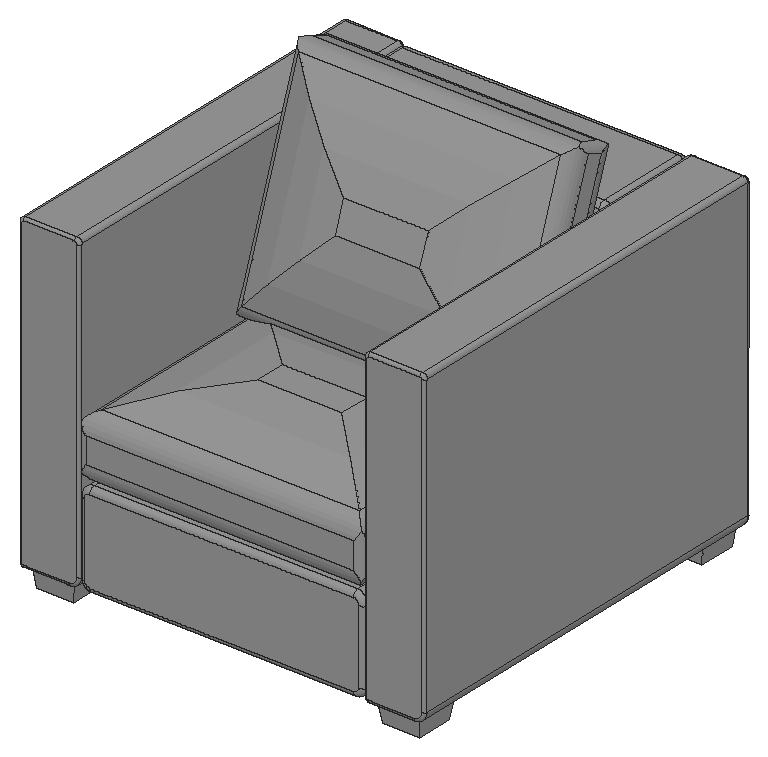
Revit family "Graydon", category Furniture, Revit 2016
Family settings
  OmniClass Number = 23.40.20.00
  OmniClass Title = General Furniture and Specialties
  Work Plane-Based = No
  Always vertical = Yes
  Cut with Voids When Loaded = No
  Shared = No
  Room Calculation Point = No
Parameters (values of type "Chair")
  Wood Cap [instance] = no
  Seat Width = 27"
  Seat Depth = 21 1/2"
  Left Right Foot Displacement = 2 7/8"
  Foot Finish [instance] = Wood (Oak)
  Cushion Width = 27"
  Seat Cushion Fabric [instance] = Linen, Beige
  Cushion 3 = no
  Depth = 38 1/2"
  Cushion 2 = no
  Base Fabric [instance] = Linen, Beige
  Back Fabric [instance] = Linen, Beige
  Back Cushion Fabric [instance] = Linen, Beige
  Arms = yes
  Arm Fabric [instance] = Linen, Beige
Types (4): name | Seat Width | Left Right Foot Displacement | Cushion 3 | Cushion 2 | Arms
  Chair-armless | 27" | 8 7/8" | no | no | no
  Sofa | 81" | 2 7/8" | yes | yes | yes
  Loveseat-armless | 54" | 8 7/8" | no | yes | no
  Chair | 27" | 2 7/8" | no | no | yes
Reference planes (in)
  plane 1 "Center Front/Back": y = 0
  plane 2: z = 0
  plane 3 "Center Left/Right": x = 0
  plane 4: x = -10
  plane 5: x = 17
  plane 6 "Front": y = -10.75
  plane 7 "Seat Depth": y = 10.75
  plane 8 "A.F.F": z = 1.75
  plane 9: z = 10.75
  plane 10: z = 18
  plane 11: y = 27.75
  plane 12: x = 22.75
  plane 13: x = -15.75
  plane 14 "Back Height": z = 37.5
  plane 15 "T.O. Arm": z = 26.5
Forms (in)
  Extrusion 1, solid, material "Linen, Beige" <- "Base Fabric"
    sketch origin (0, 0, 0) x (1, 0, 0) y (0, 0, 1)
      loop
        arc (-9, 10.75) -> (-9.70711, 10.45711) -> (-10, 9.75) r 1
        line (-10, 9.75) -> (-10, 2.75)
        arc (-10, 2.75) -> (-9.70711, 2.04289) -> (-9, 1.75) r 1
        line (-9, 1.75) -> (16, 1.75)
        arc (16, 1.75) -> (16.70711, 2.04289) -> (17, 2.75) r 1
        line (17, 2.75) -> (17, 9.75)
        arc (17, 9.75) -> (16.70711, 10.45711) -> (16, 10.75) r 1
        line (16, 10.75) -> (-9, 10.75)
    from -10.75 to 10.75
  Extrusion 2, solid, material "Linen, Beige" <- "Back Fabric"
    sketch origin (0, 0, 0) x (0, 1, 0) y (0, 0, 1)
      loop
        line (26.9919, 31.46767) -> (18.40264, 31.46767)
        arc (18.40264, 31.46767) -> (17.97245, 31.33204) -> (17.69787, 30.97419) r 0.75
        line (17.69787, 30.97419) -> (10.94853, 12.43053) -> (10.75076, 10.16682) -> (10.75076, 2.5)
        arc (10.75076, 2.5) -> (10.97043, 1.96967) -> (11.50076, 1.75) r 0.75
        line (11.50076, 1.75) -> (26.9919, 1.75)
        arc (26.9919, 1.75) -> (27.52223, 1.96967) -> (27.7419, 2.5) r 0.75
        line (27.7419, 2.5) -> (27.7419, 30.71767)
        arc (27.7419, 30.71767) -> (27.52223, 31.248) -> (26.9919, 31.46767) r 0.75
    from -10 to 17
  Sweep 3, void
    path in 3D
      loop
        arc (-9, -10.75, 10.75) -> (-9.70711, -10.75, 10.45711) -> (-10, -10.75, 9.75) r 1
        line (-10, -10.75, 9.75) -> (-10, -10.75, 2.75)
        arc (-10, -10.75, 2.75) -> (-9.70711, -10.75, 2.04289) -> (-9, -10.75, 1.75) r 1
        line (-9, -10.75, 1.75) -> (16, -10.75, 1.75)
        arc (16, -10.75, 1.75) -> (16.70711, -10.75, 2.04289) -> (17, -10.75, 2.75) r 1
        line (17, -10.75, 2.75) -> (17, -10.75, 9.75)
        arc (17, -10.75, 9.75) -> (16.70711, -10.75, 10.45711) -> (16, -10.75, 10.75) r 1
        line (16, -10.75, 10.75) -> (-9, -10.75, 10.75)
    profile "Profile_Parametric Radius : .5" radius" origin (3.5, -10.75, 10.75) x (0, -1, 0) y (0, 0, 1)
      loop
        arc (-0.5, 0) -> (-0.14645, -0.14645) -> (0, -0.5) r 0.5
        line (0, -0.5) -> (0, 0) -> (-0.5, 0)
  Sweep 4, void
    path in 3D
      loop
        arc (16, 10.75, 10.75) -> (16.70711, 10.75, 10.45711) -> (17, 10.75, 9.75) r 1
        line (17, 10.75, 9.75) -> (17, 10.75, 2.75)
        arc (17, 10.75, 2.75) -> (16.70711, 10.75, 2.04289) -> (16, 10.75, 1.75) r 1
        line (16, 10.75, 1.75) -> (-9, 10.75, 1.75)
        arc (-9, 10.75, 1.75) -> (-9.70711, 10.75, 2.04289) -> (-10, 10.75, 2.75) r 1
        line (-10, 10.75, 2.75) -> (-10, 10.75, 9.75)
        arc (-10, 10.75, 9.75) -> (-9.70711, 10.75, 10.45711) -> (-9, 10.75, 10.75) r 1
        line (-9, 10.75, 10.75) -> (16, 10.75, 10.75)
    profile "Profile_Parametric Radius : .5" radius" origin (3.5, 10.75, 10.75) x (0, 1, 0) y (0, 0, 1)
      loop
        arc (-0.5, 0) -> (-0.14645, -0.14645) -> (0, -0.5) r 0.5
        line (0, -0.5) -> (0, 0) -> (-0.5, 0)
  Sweep 5, void
    path in 3D
      loop
        arc (-10, 26.9919, 31.46767) -> (-10, 27.52223, 31.248) -> (-10, 27.7419, 30.71767) r 0.75
        line (-10, 27.7419, 30.71767) -> (-10, 27.7419, 2.5)
        arc (-10, 27.7419, 2.5) -> (-10, 27.52223, 1.96967) -> (-10, 26.9919, 1.75) r 0.75
        line (-10, 26.9919, 1.75) -> (-10, 11.50076, 1.75)
        arc (-10, 11.50076, 1.75) -> (-10, 10.97043, 1.96967) -> (-10, 10.75076, 2.5) r 0.75
        line (-10, 10.75076, 2.5) -> (-10, 10.75076, 10.16682) -> (-10, 10.94853, 12.43053) -> (-10, 17.69787, 30.97419)
        arc (-10, 17.69787, 30.97419) -> (-10, 17.97245, 31.33204) -> (-10, 18.40264, 31.46767) r 0.75
        line (-10, 18.40264, 31.46767) -> (-10, 26.9919, 31.46767)
    profile "Profile_Parametric Radius : .5" radius" origin (-10, 22.69727, 31.46767) x (-1, 0, 0) y (0, 0, 1)
      loop
        arc (-0.5, 0) -> (-0.14645, -0.14645) -> (0, -0.5) r 0.5
        line (0, -0.5) -> (0, 0) -> (-0.5, 0)
  Sweep 6, void
    path in 3D
      loop
        arc (17, 18.40264, 31.46767) -> (17, 17.97245, 31.33204) -> (17, 17.69787, 30.97419) r 0.75
        line (17, 17.69787, 30.97419) -> (17, 10.94853, 12.43053) -> (17, 10.75076, 10.16682) -> (17, 10.75076, 2.5)
        arc (17, 10.75076, 2.5) -> (17, 10.97043, 1.96967) -> (17, 11.50076, 1.75) r 0.75
        line (17, 11.50076, 1.75) -> (17, 26.9919, 1.75)
        arc (17, 26.9919, 1.75) -> (17, 27.52223, 1.96967) -> (17, 27.7419, 2.5) r 0.75
        line (17, 27.7419, 2.5) -> (17, 27.7419, 30.71767)
        arc (17, 27.7419, 30.71767) -> (17, 27.52223, 31.248) -> (17, 26.9919, 31.46767) r 0.75
        line (17, 26.9919, 31.46767) -> (17, 18.40264, 31.46767)
    profile "Profile_Parametric Radius : .5" radius" origin (17, 22.69727, 31.46767) x (1, 0, 0) y (0, 0, 1)
      loop
        arc (-0.5, 0) -> (-0.14645, -0.14645) -> (0, -0.5) r 0.5
        line (0, -0.5) -> (0, 0) -> (-0.5, 0)
Cuts and joins
  Sweep 3, Sweep 4 cuts Extrusion 1
  Sweep 5, Sweep 6 cuts Extrusion 2
Lines and regions (in)
  sketch lines
    curve 1: line (16, -10.75, 10.75) -> (-9, -10.75, 10.75)
    curve 2: arc (-10, -10.75, 9.75) -> (-9.70711, -10.75, 10.45711) -> (-9, -10.75, 10.75) r 1
    curve 3: line (-10, -10.75, 9.75) -> (-10, -10.75, 2.75)
    curve 4: arc (-9, -10.75, 1.75) -> (-9.70711, -10.75, 2.04289) -> (-10, -10.75, 2.75) r 1
    curve 5: line (-9, -10.75, 1.75) -> (16, -10.75, 1.75)
    curve 6: arc (17, -10.75, 2.75) -> (16.70711, -10.75, 2.04289) -> (16, -10.75, 1.75) r 1
    curve 7: line (17, -10.75, 2.75) -> (17, -10.75, 9.75)
    curve 8: arc (16, -10.75, 10.75) -> (16.70711, -10.75, 10.45711) -> (17, -10.75, 9.75) r 1
    curve 9: line (-9, 10.75, 10.75) -> (16, 10.75, 10.75)
    curve 10: arc (17, 10.75, 9.75) -> (16.70711, 10.75, 10.45711) -> (16, 10.75, 10.75) r 1
    curve 11: line (17, 10.75, 9.75) -> (17, 10.75, 2.75)
    curve 12: arc (16, 10.75, 1.75) -> (16.70711, 10.75, 2.04289) -> (17, 10.75, 2.75) r 1
    curve 13: line (16, 10.75, 1.75) -> (-9, 10.75, 1.75)
    curve 14: arc (-10, 10.75, 2.75) -> (-9.70711, 10.75, 2.04289) -> (-9, 10.75, 1.75) r 1
    curve 15: line (-10, 10.75, 2.75) -> (-10, 10.75, 9.75)
    curve 16: arc (-9, 10.75, 10.75) -> (-9.70711, 10.75, 10.45711) -> (-10, 10.75, 9.75) r 1
    curve 17: line (-10, 18.40264, 31.46767) -> (-10, 26.9919, 31.46767)
    curve 18: arc (-10, 18.40264, 31.46767) -> (-10, 17.97245, 31.33204) -> (-10, 17.69787, 30.97419) r 0.75
    curve 19: line (-10, 10.94853, 12.43053) -> (-10, 17.69787, 30.97419)
    curve 20: line (-10, 10.75076, 10.16682) -> (-10, 10.94853, 12.43053)
    curve 21: line (-10, 10.75076, 2.5) -> (-10, 10.75076, 10.16682)
    curve 22: arc (-10, 10.75076, 2.5) -> (-10, 10.97043, 1.96967) -> (-10, 11.50076, 1.75) r 0.75
    curve 23: line (-10, 26.9919, 1.75) -> (-10, 11.50076, 1.75)
    curve 24: arc (-10, 26.9919, 1.75) -> (-10, 27.52223, 1.96967) -> (-10, 27.7419, 2.5) r 0.75
    curve 25: line (-10, 27.7419, 30.71767) -> (-10, 27.7419, 2.5)
    curve 26: arc (-10, 27.7419, 30.71767) -> (-10, 27.52223, 31.248) -> (-10, 26.9919, 31.46767) r 0.75
    curve 27: line (17, 26.9919, 31.46767) -> (17, 18.40264, 31.46767)
    curve 28: arc (17, 26.9919, 31.46767) -> (17, 27.52223, 31.248) -> (17, 27.7419, 30.71767) r 0.75
    curve 29: line (17, 27.7419, 2.5) -> (17, 27.7419, 30.71767)
    curve 30: arc (17, 27.7419, 2.5) -> (17, 27.52223, 1.96967) -> (17, 26.9919, 1.75) r 0.75
    curve 31: line (17, 11.50076, 1.75) -> (17, 26.9919, 1.75)
    curve 32: arc (17, 11.50076, 1.75) -> (17, 10.97043, 1.96967) -> (17, 10.75076, 2.5) r 0.75
    curve 33: line (17, 10.75076, 10.16682) -> (17, 10.75076, 2.5)
    curve 34: line (17, 10.94853, 12.43053) -> (17, 10.75076, 10.16682)
    curve 35: line (17, 17.69787, 30.97419) -> (17, 10.94853, 12.43053)
    curve 36: arc (17, 17.69787, 30.97419) -> (17, 17.97245, 31.33204) -> (17, 18.40264, 31.46767) r 0.75
Dimensions and locks (in)
  equal spacing: plane 7 "Seat Depth", plane 1 "Center Front/Back", plane 6 "Front"
  "Seat Depth": plane 7 "Seat Depth" to plane 6 "Front"
  plane 8 "A.F.F" to plane 2 = 1 3/4"
  plane 8 "A.F.F" to plane 9 = 9"
  plane 14 "Back Height" to plane 2 = 37 1/2"
  plane 10 to plane 2 = 18"
  plane 15 "T.O. Arm" to plane 2 = 26 1/2"
  plane 13 to plane 4 = 5 3/4"
  plane 5 to plane 12 = 5 3/4"
  "Seat Width": plane 4 to plane 5
  plane 11 to nested 1 = 2 1/2"
  plane 11 to nested 4 = 2 1/2"
  "Left Right Foot Displacement": plane 13 to nested 2
  "Left Right Foot Displacement": plane 13 to nested 1
  "Left Right Foot Displacement": nested 4 to plane 12
  "Left Right Foot Displacement": nested 3 to plane 12
  "Depth": plane 11 to plane 6 "Front"
  plane 10 to plane 9 = 7 1/4"
  plane 6 "Front" to plane 11 = 38 1/2"
  plane 6 "Front" to plane 7 "Seat Depth" = 21 1/2"
  nested 2 to plane 6 "Front" = 2 1/2"
  plane 13 to plane 12 = 38 1/2"
  aligned and locked: level to plane 2
  aligned and locked: plane 7 "Seat Depth" to Extrusion 1
  aligned and locked: Extrusion 1 to plane 6 "Front"
  aligned and locked: Extrusion 2 sketch curve to plane 8 "A.F.F"
  aligned and locked: plane 4 to nested 11
  aligned and locked: plane 5 to Extrusion 2
  aligned and locked: Extrusion 2 to plane 4
  aligned and locked: nested 2 to nested 3
  aligned and locked: nested 1 to nested 4
  aligned and locked: plane 5 to nested 12
Automatic sketch dimensions
  Extrusion 1 sketch curve to plane 4 = 0"
  Extrusion 1 sketch curve to plane 9 = 0"
  Extrusion 1 sketch curve to plane 8 "A.F.F" = 0"
  Extrusion 1 sketch curve to plane 5 = 0"
  Extrusion 1 sketch curve to plane 5 = 1"  (x2)
  plane 4 to Extrusion 1 sketch curve = 1"  (x2)
  plane 7 "Seat Depth" to Extrusion 2 sketch curve = 0.00076"
  plane 7 "Seat Depth" to Extrusion 2 sketch curve = 0.19853"
  plane 7 "Seat Depth" to Extrusion 2 sketch curve = 0.75076"
  plane 7 "Seat Depth" to Extrusion 2 sketch curve = 6.94787"
  Extrusion 2 sketch curve to Extrusion 2 sketch curve = 0.70477"
  Extrusion 2 sketch curve to plane 11 = 0.7581"  (x2)
  Extrusion 2 sketch curve to plane 11 = 0.0081"
  Extrusion 2 sketch curve to plane 9 = 0.58318"
  plane 9 to Extrusion 2 sketch curve = 1.68053"
  plane 15 "T.O. Arm" to Extrusion 2 sketch curve = 4.21767"
  Extrusion 2 sketch curve to Extrusion 2 sketch curve = 0.25652"
Nested families (in)
  nested 1: "TF17" at (-12.875, 25.25, 0), Nested Leg Material 1 <- "Foot Finish", type "TF17"
  nested 2: "TF17" at (-12.875, -8.25, 0), Nested Leg Material 1 <- "Foot Finish", type "TF17"
  nested 3: "TF17" at (19.875, -8.25, 0), Nested Leg Material 1 <- "Foot Finish", type "TF17"
  nested 4: "TF17" at (19.875, 25.25, 0), Nested Leg Material 1 <- "Foot Finish", type "TF17"
  nested 5: "Graydon Cushion" at (54, 0, 0), Nested Cushion Fabric <- "Seat Cushion Fabric", Nested Cushion Width <- "Cushion Width", visible <- "Cushion 3", type "Cushion"
    with Nested Cushion Width 27", Nested Cushion Fabric Linen, Beige
  nested 6: "Graydon Cushion" at (27, 0, 0), Nested Cushion Fabric <- "Seat Cushion Fabric", Nested Cushion Width <- "Cushion Width", visible <- "Cushion 2", type "Cushion"
    with Nested Cushion Width 27", Nested Cushion Fabric Linen, Beige
  nested 7: "Graydon Cushion" at (0, 0, 0), Nested Cushion Fabric <- "Seat Cushion Fabric", Nested Cushion Width <- "Cushion Width", type "Cushion"
    with Nested Cushion Width 27", Nested Cushion Fabric Linen, Beige
  nested 8: "Graydon Seat Back Cushion" at (0, 19, -1.125), Nested Cushion Width <- "Cushion Width", Nested Cushion Fabric <- "Back Cushion Fabric", type "Cushion"
    with Nested Cushion Width 27", Nested Cushion Fabric Linen, Beige
  nested 9: "Graydon Seat Back Cushion" at (27, 19, -1.125), Nested Cushion Width <- "Cushion Width", visible <- "Cushion 2", Nested Cushion Fabric <- "Back Cushion Fabric", type "Cushion"
    with Nested Cushion Width 27", Nested Cushion Fabric Linen, Beige
  nested 10: "Graydon Seat Back Cushion" at (54, 19, -1.125), Nested Cushion Width <- "Cushion Width", visible <- "Cushion 3", Nested Cushion Fabric <- "Back Cushion Fabric", type "Cushion"
    with Nested Cushion Width 27", Nested Cushion Fabric Linen, Beige
  nested 11: "Graydon Arm" at (-26.75, 0, 0), visible <- "Arms", Nested Arm Fabric <- "Arm Fabric", type "Graydon Arm"
    with Nested Arm Fabric Linen, Beige
  nested 12: "Graydon Arm" at (6, 0, 0), visible <- "Arms", Nested Arm Fabric <- "Arm Fabric", type "Graydon Arm"
    with Nested Arm Fabric Linen, Beige
Definition of nested family "TF17"
  Parameters (values of type "TF17")
    Nested Leg Material 1 [instance] = none
    Foot Top Width = 4"
    Foot Bottom Width = Foot Top Width - 1/2"  # 3 1/2"
  Reference planes (in)
    plane 1 "Center Front/Back": y = 0
    plane 2: z = 0
    plane 3 "Center Left/Right": x = 0
    plane 4: x = -1.75
    plane 5: x = 1.75
    plane 6: y = 1.75
    plane 7: y = -1.75
    plane 8: z = 1.75
    plane 9: y = 2
    plane 10: x = 2
    plane 11: y = -2
    plane 12: x = -2
  Forms (in)
    Blend 1, solid, material <- "Nested Leg Material 1"
      base sketch origin (0, 0, 0) x (1, 0, 0) y (0, 1, 0)
        loop
          line (-1.75, 1.75) -> (-1.75, -1.75) -> (1.75, -1.75) -> (1.75, 1.75) -> (-1.75, 1.75)
      top sketch origin (0, 0, 0) x (1, 0, 0) y (0, 1, 0)
        loop
          line (-2, 2) -> (-2, -2) -> (2, -2) -> (2, 2) -> (-2, 2)
      from 0 to 1.75
  Dimensions and locks (in)
    equal spacing: plane 4, plane 3 "Center Left/Right", plane 5
    "Foot Bottom Width": plane 4 to plane 5
    equal spacing: plane 6, plane 1 "Center Front/Back", plane 7
    "Foot Bottom Width": plane 6 to plane 7
    plane 8 to plane 2 = 1 3/4"
    equal spacing: plane 9, plane 1 "Center Front/Back", plane 11
    "Foot Top Width": plane 11 to plane 9
    equal spacing: plane 12, plane 3 "Center Left/Right", plane 10
    "Foot Top Width": plane 12 to plane 10
    aligned and locked: level to plane 2
    aligned and locked: Blend 1 sketch curve to plane 6
    aligned and locked: plane 4 to Blend 1 sketch curve
    aligned and locked: plane 7 to Blend 1 sketch curve
    aligned and locked: Blend 1 sketch curve to plane 5
    aligned and locked: Blend 1 sketch curve to plane 9
    aligned and locked: plane 12 to Blend 1 sketch curve
    aligned and locked: Blend 1 sketch curve to plane 11
    aligned and locked: Blend 1 sketch curve to plane 10
    aligned and locked: plane 8 to Blend 1
Definition of nested family "Graydon Cushion"
  Parameters (values of type "Cushion")
    Width = 32"
    Nested Cushion Width [instance] = 22"
    Seat Depth = 21"
    Nested Cushion Fabric [instance] = none
    Depth = 34"
  Reference planes (in)
    plane 1 "Center Front/Back": y = 0
    plane 2: z = 0
    plane 3 "Center Left/Right": x = 0
    plane 4: x = -10
    plane 5: x = 12
    plane 6: y = -11
    plane 7: y = 11
    plane 8 "A.F.F": z = 4
    plane 9: z = 10.75
    plane 10: z = 18
    plane 11 "Back Height": z = 39
    plane 12 "T.O. Arm": z = 27
  Forms (in)
    Sweep 1, solid, material <- "Nested Cushion Fabric"
      path origin (0, 0, 0) x (1, 0, 0) y (0, 1, 0)
        loop
          line (-10, 11) -> (-10, -11) -> (12, -11) -> (12, 11) -> (-10, 11)
      profile origin (1, 11, 0) x (0, 1, 0) y (0, 0, 1)
        loop
          line (-9.5, 18.88141) -> (-9.5, 10.75) -> (-2, 10.75)
          arc (-2, 10.75) -> (-0.58579, 11.33579) -> (0, 12.75) r 2
          line (0, 12.75) -> (0, 15.23921)
          arc (0, 15.23921) -> (-0.3498, 16.36918) -> (-1.27684, 17.10389) r 2
          arc (-1.27684, 17.10389) -> (-5.31848, 18.31623) -> (-9.5, 18.88141) r 26.89089
    Extrusion 2, void
      sketch origin (0, 0, 0) x (1, 0, 0) y (0, 1, 0)
        loop
          arc (-9.25, 11) -> (-9.78033, 10.78033) -> (-10, 10.25) r 0.75
          line (-10, 10.25) -> (-10, -10.25)
          arc (-10, -10.25) -> (-9.78033, -10.78033) -> (-9.25, -11) r 0.75
          line (-9.25, -11) -> (11.25, -11)
          arc (11.25, -11) -> (11.78033, -10.78033) -> (12, -10.25) r 0.75
          line (12, -10.25) -> (12, 10.25)
          arc (12, 10.25) -> (11.78033, 10.78033) -> (11.25, 11) r 0.75
          line (11.25, 11) -> (-9.25, 11)
        loop
          line (-14.33258, 14.18744) -> (-14.33258, -16.31256) -> (17, -16.31256) -> (17, 14.18744) -> (-14.33258, 14.18744)
      from 10.75 to 18
    Extrusion 3, solid, material <- "Nested Cushion Fabric"
      sketch origin (22, 0, 0) x (1, 0, 0) y (0, 1, 0)
        loop
          line (-22.5, 1.5) -> (-22.5, -1.5) -> (-19.5, -1.5) -> (-19.5, 1.5) -> (-22.5, 1.5)
      from 10.75 to 18.88141
  Cuts and joins
    Extrusion 2 cuts Sweep 1
    joined: Sweep 1, Extrusion 3
  Lines and regions (in)
    symbolic lines
      curve 1: arc (-10, 9.5, 0) -> (-9.56066, 10.56066, 0) -> (-8.5, 11, 0) r 1.5
      curve 2: arc (10.5, 11, 0) -> (11.56066, 10.56066, 0) -> (12, 9.5, 0) r 1.5
      curve 3: arc (12, -9.5, 0) -> (11.56066, -10.56066, 0) -> (10.5, -11, 0) r 1.5
      curve 4: arc (-8.5, -11, 0) -> (-9.56066, -10.56066, 0) -> (-10, -9.5, 0) r 1.5
      curve 5: line (-8.5, 11, 0) -> (10.5, 11, 0)
      curve 6: line (12, 9.5, 0) -> (12, -9.5, 0)
      curve 7: line (10.5, -11, 0) -> (-8.5, -11, 0)
      curve 8: line (-10, -9.5, 0) -> (-10, 9.5, 0)
  Dimensions and locks (in)
    equal spacing: plane 7, plane 1 "Center Front/Back", plane 6
    plane 7 to plane 6 = 22"
    plane 8 "A.F.F" to plane 2 = 4"
    plane 8 "A.F.F" to plane 9 = 6 3/4"
    plane 11 "Back Height" to plane 2 = 39"
    plane 10 to plane 2 = 18"
    plane 12 "T.O. Arm" to plane 2 = 27"
    "Nested Cushion Width": plane 4 to plane 5
    plane 9 to plane 10 = 7 1/4"
    aligned and locked: level to plane 2
    aligned and locked: plane 10 to Extrusion 2
    aligned and locked: Extrusion 2 to plane 9
    aligned and locked: Sweep 1 sketch curve to plane 5
    aligned and locked: plane 4 to Sweep 1 sketch curve
    aligned and locked: cut or joined group of Sweep 1, Extrusion 2, Extrusion 3 to Extrusion 3 sketch curve  (x2)
    aligned and locked: plane 4 to Extrusion 2 sketch curve
    aligned and locked: Extrusion 2 sketch curve to plane 5
    aligned and locked: Sweep 1 sketch curve to plane 7
    aligned and locked: plane 6 to Sweep 1 sketch curve
    aligned and locked: Extrusion 2 sketch curve to plane 7
    aligned and locked: Extrusion 3 to cut or joined group of Sweep 1, Extrusion 2, Extrusion 3  (x2)
    aligned and locked: Extrusion 3 to plane 9
    aligned and locked: Sweep 1 sketch curve to plane 9
    aligned and locked: Extrusion 3 to Sweep 1
  Automatic sketch dimensions
    Extrusion 3 sketch curve to Extrusion 3 sketch curve = 3"
    plane 1 "Center Front/Back" to Extrusion 3 sketch curve = 1 1/2"
    plane 4 to curve 5 = 1 1/2"
    plane 4 to curve 7 = 1 1/2"
    curve 2 to curve 2 = 1 1/2"
    curve 3 to plane 5 = 1 1/2"
    curve 2 to plane 5 = 0"
    Extrusion 2 sketch curve to plane 6 = 0"
    Extrusion 2 sketch curve to plane 4 = 4.33258"
    Extrusion 2 sketch curve to Extrusion 2 sketch curve = 3/4"  (x2)
    Extrusion 2 sketch curve to plane 5 = 3/4"  (x2)
    plane 5 to Extrusion 2 sketch curve = 5"
    Extrusion 2 sketch curve to plane 6 = 5.31256"
    plane 7 to Extrusion 2 sketch curve = 3.18744"
    curve 1 to plane 4 = 0"
    curve 4 to plane 6 = 0"
    curve 2 to plane 7 = 0"
    Sweep 1 sketch curve to profile plane = 0"
    Sweep 1 sketch curve to Sweep 1 sketch curve = 2"  (x2)
    profile plane to Sweep 1 sketch curve = 1.27684"
    Sweep 1 sketch curve to Sweep 1 sketch curve = 0"
    Sweep 1 sketch curve to Sweep 1 sketch curve = 7 1/2"
    Sweep 1 sketch curve to profile plane = 7.96761"
    profile plane to Sweep 1 sketch curve = 11"
Definition of nested family "Graydon Seat Back Cushion"
  Parameters (values of type "Cushion")
    Width = 32"
    Nested Cushion Width [instance] = 22"
    Seat Depth = 21"
    Nested Cushion Fabric [instance] = none
    Depth = 34"
  Reference planes (in)
    plane 1 "Center Front/Back": y = 0
    plane 2: z = 0
    plane 3 "Center Left/Right": x = 0
    plane 4: x = -10
    plane 5: x = 12
    plane 6: y = -11
    plane 7: y = 11
    plane 8 "A.F.F": z = 4
    plane 9: z = 12.5
    plane 10: z = 19
    plane 11 "Back Height": z = 39
    plane 12 "T.O. Arm": z = 27
  Forms (in)
    Sweep 1, solid, material <- "Nested Cushion Fabric"
      path origin (0, 8.49782, 22.60304) x (1, 0, 0) y (0, 0.34202, 0.939693)
        loop
          line (-10, 11) -> (-10, -11) -> (12, -11) -> (12, 11) -> (-10, 11)
      profile origin (1, 12.26004, 32.93965) x (0, 0.34202, 0.939693) y (0, -0.939693, 0.34202)
        loop
          line (-9.5, 20.4967) -> (-9.5, 12.5) -> (-2, 12.5)
          arc (-2, 12.5) -> (-0.58579, 13.08579) -> (0, 14.5) r 2
          line (0, 14.5) -> (0, 16.29685)
          arc (0, 16.29685) -> (-0.28467, 17.32526) -> (-1.05764, 18.06092) r 2
          arc (-1.05764, 18.06092) -> (-5.15063, 19.72311) -> (-9.5, 20.4967) r 21.10121
    Extrusion 2, void
      sketch origin (0, 8.49782, 22.60304) x (1, 0, 0) y (0, 0.34202, 0.939693)
        loop
          arc (-9.25, 11) -> (-9.78033, 10.78033) -> (-10, 10.25) r 0.75
          line (-10, 10.25) -> (-10, -10.25)
          arc (-10, -10.25) -> (-9.78033, -10.78033) -> (-9.25, -11) r 0.75
          line (-9.25, -11) -> (11.25, -11)
          arc (11.25, -11) -> (11.78033, -10.78033) -> (12, -10.25) r 0.75
          line (12, -10.25) -> (12, 10.25)
          arc (12, 10.25) -> (11.78033, 10.78033) -> (11.25, 11) r 0.75
          line (11.25, 11) -> (-9.25, 11)
        loop
          line (-14.33258, 14.18744) -> (-14.33258, -16.31256) -> (17, -16.31256) -> (17, 14.18744) -> (-14.33258, 14.18744)
      from 12.5 to 19
    Extrusion 3, solid, material <- "Nested Cushion Fabric"
      sketch origin (22, 8.49782, 22.60304) x (1, 0, 0) y (0, 0.34202, 0.939693)
        loop
          line (-22.5, 1.5) -> (-22.5, -1.5) -> (-19.5, -1.5) -> (-19.5, 1.5) -> (-22.5, 1.5)
      from 12.5 to 20.4967
  Cuts and joins
    Extrusion 2 cuts Sweep 1
    joined: Sweep 1, Extrusion 3
  Dimensions and locks (in)
    equal spacing: plane 7, plane 1 "Center Front/Back", plane 6
    plane 7 to plane 6 = 22"
    plane 8 "A.F.F" to plane 2 = 4"
    plane 8 "A.F.F" to plane 9 = 8 1/2"
    plane 11 "Back Height" to plane 2 = 39"
    plane 10 to plane 2 = 19"
    plane 12 "T.O. Arm" to plane 2 = 27"
    "Nested Cushion Width": plane 4 to plane 5
    aligned and locked: level to plane 2
    aligned and locked: Sweep 1 sketch curve to plane 5
    aligned and locked: plane 4 to Sweep 1 sketch curve
    aligned and locked: cut or joined group of Sweep 1, Extrusion 2, Extrusion 3 to Extrusion 3 sketch curve  (x2)
    aligned and locked: plane 4 to Extrusion 2 sketch curve
    aligned and locked: Extrusion 2 sketch curve to plane 5
    aligned and locked: Extrusion 3 to cut or joined group of Sweep 1, Extrusion 2, Extrusion 3  (x2)
  Automatic sketch dimensions
    Sweep 1 sketch curve to Sweep 1 sketch curve = 22"
    Extrusion 3 sketch curve to Extrusion 3 sketch curve = 3"
    Extrusion 2 sketch curve to plane 4 = 4.33258"
    Extrusion 2 sketch curve to Extrusion 2 sketch curve = 3/4"  (x2)
    Extrusion 2 sketch curve to plane 5 = 3/4"  (x2)
    plane 5 to Extrusion 2 sketch curve = 5"
    Extrusion 2 sketch curve to Extrusion 2 sketch curve = 5.31256"
    Extrusion 2 sketch curve to Extrusion 2 sketch curve = 20 1/2"
    Extrusion 2 sketch curve to Extrusion 2 sketch curve = 3.93744"
    profile plane to Sweep 1 sketch curve = 0"
    Sweep 1 sketch curve to Sweep 1 sketch curve = 2"
    Sweep 1 sketch curve to Sweep 1 sketch curve = 0"
    Sweep 1 sketch curve to Sweep 1 sketch curve = 7 1/2"
    Sweep 1 sketch curve to profile plane = 0.55113"
    profile plane to Sweep 1 sketch curve = 11.00012"
    profile plane to Sweep 1 sketch curve = 12 1/2"
    Sweep 1 sketch curve to Sweep 1 sketch curve = 1.79685"
    Sweep 1 sketch curve to Sweep 1 sketch curve = 7.9967"
Definition of nested family "Graydon Arm"
  Parameters (values of type "Graydon Arm")
    Arm Width = 5 3/4"
    Nested Arm Fabric [instance] = none
    Arm Depth = 38 1/2"
  Reference planes (in)
    plane 1 "Center Front/Back": y = 0
    plane 2: z = 0
    plane 3: x = 11
    plane 4 "A.F.F": z = 1.75
    plane 5: y = 27.75
    plane 6 "T.O. Arm": z = 31.5
    plane 7: x = 16.75
    plane 8: y = -10.75
  Forms (in)
    Extrusion 1, solid, material <- "Nested Arm Fabric"
      sketch origin (0, 0, 0) x (1, 0, 0) y (0, 0, 1)
        loop
          line (11.4375, 1.75) -> (15.75, 1.75)
          arc (15.75, 1.75) -> (16.45711, 2.04289) -> (16.75, 2.75) r 1
          line (16.75, 2.75) -> (16.75, 31.0625)
          arc (16.75, 31.0625) -> (16.62186, 31.37186) -> (16.3125, 31.5) r 0.4375
          line (16.3125, 31.5) -> (11.4375, 31.5)
          arc (11.4375, 31.5) -> (11.12814, 31.37186) -> (11, 31.0625) r 0.4375
          line (11, 31.0625) -> (11, 2.1875)
          arc (11, 2.1875) -> (11.12814, 1.87814) -> (11.4375, 1.75) r 0.4375
      from -27.75 to 10.75
    Sweep 2, void
      path in 3D
        loop
          arc (11.4375, -10.75, 31.5) -> (11.12814, -10.75, 31.37186) -> (11, -10.75, 31.0625) r 0.4375
          line (11, -10.75, 31.0625) -> (11, -10.75, 2.1875)
          arc (11, -10.75, 2.1875) -> (11.12814, -10.75, 1.87814) -> (11.4375, -10.75, 1.75) r 0.4375
          line (11.4375, -10.75, 1.75) -> (15.75, -10.75, 1.75)
          arc (15.75, -10.75, 1.75) -> (16.45711, -10.75, 2.04289) -> (16.75, -10.75, 2.75) r 1
          line (16.75, -10.75, 2.75) -> (16.75, -10.75, 31.0625)
          arc (16.75, -10.75, 31.0625) -> (16.62186, -10.75, 31.37186) -> (16.3125, -10.75, 31.5) r 0.4375
          line (16.3125, -10.75, 31.5) -> (11.4375, -10.75, 31.5)
      profile "Profile_Parametric Radius : .25" radius" origin (13.875, -10.75, 31.5) x (0, -1, 0) y (0, 0, 1)
        loop
          arc (-0.25, 0) -> (-0.07322, -0.07322) -> (0, -0.25) r 0.25
          line (0, -0.25) -> (0, 0) -> (-0.25, 0)
    Sweep 3, void
      path in 3D
        loop
          arc (16.3125, 27.75, 31.5) -> (16.62186, 27.75, 31.37186) -> (16.75, 27.75, 31.0625) r 0.4375
          line (16.75, 27.75, 31.0625) -> (16.75, 27.75, 2.75)
          arc (16.75, 27.75, 2.75) -> (16.45711, 27.75, 2.04289) -> (15.75, 27.75, 1.75) r 1
          line (15.75, 27.75, 1.75) -> (11.4375, 27.75, 1.75)
          arc (11.4375, 27.75, 1.75) -> (11.12814, 27.75, 1.87814) -> (11, 27.75, 2.1875) r 0.4375
          line (11, 27.75, 2.1875) -> (11, 27.75, 31.0625)
          arc (11, 27.75, 31.0625) -> (11.12814, 27.75, 31.37186) -> (11.4375, 27.75, 31.5) r 0.4375
          line (11.4375, 27.75, 31.5) -> (16.3125, 27.75, 31.5)
      profile "Profile_Parametric Radius : .25" radius" origin (13.875, 27.75, 31.5) x (0, 1, 0) y (0, 0, 1)
        loop
          arc (-0.25, 0) -> (-0.07322, -0.07322) -> (0, -0.25) r 0.25
          line (0, -0.25) -> (0, 0) -> (-0.25, 0)
  Cuts and joins
    Sweep 2, Sweep 3 cuts Extrusion 1
  Lines and regions (in)
    sketch lines
      curve 1: line (16.3125, -10.75, 31.5) -> (11.4375, -10.75, 31.5)
      curve 2: arc (11, -10.75, 31.0625) -> (11.12814, -10.75, 31.37186) -> (11.4375, -10.75, 31.5) r 0.4375
      curve 3: line (11, -10.75, 31.0625) -> (11, -10.75, 2.1875)
      curve 4: arc (11.4375, -10.75, 1.75) -> (11.12814, -10.75, 1.87814) -> (11, -10.75, 2.1875) r 0.4375
      curve 5: line (11.4375, -10.75, 1.75) -> (15.75, -10.75, 1.75)
      curve 6: arc (16.75, -10.75, 2.75) -> (16.45711, -10.75, 2.04289) -> (15.75, -10.75, 1.75) r 1
      curve 7: line (16.75, -10.75, 2.75) -> (16.75, -10.75, 31.0625)
      curve 8: arc (16.3125, -10.75, 31.5) -> (16.62186, -10.75, 31.37186) -> (16.75, -10.75, 31.0625) r 0.4375
      curve 9: line (11.4375, 27.75, 31.5) -> (16.3125, 27.75, 31.5)
      curve 10: arc (16.75, 27.75, 31.0625) -> (16.62186, 27.75, 31.37186) -> (16.3125, 27.75, 31.5) r 0.4375
      curve 11: line (16.75, 27.75, 31.0625) -> (16.75, 27.75, 2.75)
      curve 12: arc (11.4375, 27.75, 31.5) -> (11.12814, 27.75, 31.37186) -> (11, 27.75, 31.0625) r 0.4375
      curve 13: line (11, 27.75, 2.1875) -> (11, 27.75, 31.0625)
      curve 14: arc (11, 27.75, 2.1875) -> (11.12814, 27.75, 1.87814) -> (11.4375, 27.75, 1.75) r 0.4375
      curve 15: line (15.75, 27.75, 1.75) -> (11.4375, 27.75, 1.75)
      curve 16: arc (15.75, 27.75, 1.75) -> (16.45711, 27.75, 2.04289) -> (16.75, 27.75, 2.75) r 1
  Dimensions and locks (in)
    plane 4 "A.F.F" to plane 2 = 1 3/4"
    plane 6 "T.O. Arm" to plane 2 = 31 1/2"  (x2)
    "Arm Width": plane 3 to plane 7
    "Arm Depth": plane 5 to plane 8
    plane 1 "Center Front/Back" to plane 8 = 10 3/4"
    aligned and locked: level to plane 2
    aligned and locked: Extrusion 1 sketch curve to plane 4 "A.F.F"
    aligned and locked: plane 3 to Extrusion 1 sketch curve
    aligned and locked: plane 7 to Extrusion 1 sketch curve
    aligned and locked: plane 5 to Extrusion 1
    aligned and locked: Extrusion 1 to plane 8
    aligned and locked: plane 6 "T.O. Arm" to Extrusion 1
  Automatic sketch dimensions
    plane 3 to Extrusion 1 sketch curve = 7/16"  (x2)
    Extrusion 1 sketch curve to Extrusion 1 sketch curve = 1"
    Extrusion 1 sketch curve to Extrusion 1 sketch curve = 7/16"
    Extrusion 1 sketch curve to plane 6 "T.O. Arm" = 7/16"
